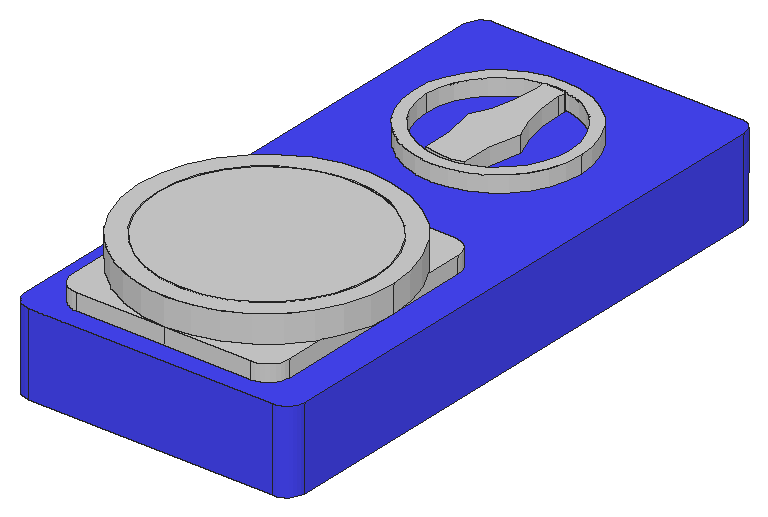
Revit family "Building-IEC309Connections-GEWISS-67IB-INTERLOCKED-SOCKET-OUTLETS_IP67_WITHOUT_BOTTOM_FUS", category Apparecchi elettrici, host Superficie, Revit 2019
Family settings
  Host = Superficie
  Mantenere orientamento annotazione = Sì
  Quota connettore circolare = Usa diametro
  Tipo di parte = Normale
  Taglio con vuoti quando caricato = Sì
  Condiviso = Sì
  Punto di calcolo locali = Sì
Parameters (values of type "GW66358N - 32A 3P+E 380V V.INT.SOCK.O.N.B.3H CBF")
  presa = rosso
  giallo = 0 mm
  dist_piano [instance] = 26 mm
  Working temperature = "-25 ÷ +40 °C"
  With back-mounting box = "No"
  Weight (kg) = "Max. 0.9 Kg"
  Weight = "Max. 0.9 Kg"
  Vista_2d_pianta [instance] = yes
  Version file RFA = "21.4"
  URL = "https://www.gewiss.com/ww/en"
  Typology = "Vertical"
  Type of fuse = "Ø 10.3x38 mm"
  Thermo-pressure with ball = "125 °C"
  Technical sheet = "https://www.gewiss.com/ww/en/search?q=GW66358N"
  Struttura = Grigio RAL - 7035
  Simbolo presa = PRESAINDSTAGNA : 3P
  Simbolo [instance] = yes
  Simb_circuito [instance] = not(Simbolo)  # no
  Shock resistance = "IK08"
  SEO = "Socket outlet"
  Reference h = "3"
  Realized by GEWISS S.p.A. = ""
  Rated voltage: = "380 - 440 V"
  Rated voltage = "380 - 440 V"
  Rated short-circuit current (Icc) = "10KA"
  Rated insulation voltage (Ui) = "500V"
  Rated impulse withstand voltage = "4KV"
  Rated frequency (Hz) = "50/60 Hz"
  Rated current (In) = "32"
  Rated current (A) = "32"
  Protection = "Fuse-holder base (CBF)"
  Default Elevation = 1219.2 mm
  Produttore = "GEWISS S.p.A."
  Operating temperature: = "-25 +40 °C"
  Number of poles = "3P+E"
  No. of poles = "3P+E"
  Modello = "GW66358N"
  Immagine tipo = G.jpg
  IP degree = "IP67"
  IDT = "5410a18b-86cc-47a6-890a-93cf755ebe5d"
  IDF = "7497af57-3216-4345-8823-f8ebadf7cf6f"
  IB socket outlet rated current (In) = "28A"
  Glow wire test: = "850 °C"
  Glow Wire Test = "850 °C"
  Fuse breacking capacity = "> 50 kA"
  Frequency = "50/60 Hz"
  Electrocod = "2222"
  EAN code = "8011564742123"
  Distanza x [instance] = 0 mm
  Distanza orizzontale simbolo [instance] = 100 mm
  Distanza effettiva x [instance] = 1500 mm - Distanza x  # 1500 mm
  Descrizione = "32A 3P+E 380V V.INT.SOCK.O.N.B.3H CBF"
  Corpo presa = GEWISS -BLU
  Cornice simbolo [instance] = yes
  Colour: = "Red"
  Colour = "Red"
  Catalogue Range = "67 IB"
  Catalogue = "BUILDING"
  COBie.Tagnumber = ""
  COBie.CreatedOn = ""
  COBie.CreatebBy = ""
  COBie.ComponentRegisterItemID = ""
  COBie.Component.TagNumber = ""
  COBie.Component.Space = ""
  COBie.Component.SerialNumber = ""
  COBie.Component.InstallationDate = ""
  COBie.Component.Description = ""
  COBie.Component.BarCode = ""
Types (23, lengths in mm): name | Weight (kg) | Weight | Technical sheet | Reference h | Rated voltage: | Rated voltage | Rated current (In) | Rated current (A) | Number of poles | No. of poles | Modello | IDT | IB socket outlet rated current (In) | EAN code | Descrizione | Colour: | Colour
  GW66323N - 16A 2P+E 110V V.INT.SOCK.O.N.B.4H CBF | "Max. 0.8 Kg" | "Max. 0.8 Kg" | "https://www.gewiss.com/ww/en/search?q=GW66323N" | "4" | "100 - 130 V" | "100 - 130 V" | "16" | "16" | "2P+E" | "2P+E" | "GW66323N" | "30d79ac4-2994-493b-83da-67eb334196f1" | "16A" | "8011564741782" | "16A 2P+E 110V V.INT.SOCK.O.N.B.4H CBF" | "Yellow" | "Yellow"
  GW66324N - 16A 3P+E 110V V.INT.SOCK.O.N.B.4H CBF | "Max. 0.8 Kg" | "Max. 0.8 Kg" | "https://www.gewiss.com/ww/en/search?q=GW66324N" | "4" | "100 - 130 V" | "100 - 130 V" | "16" | "16" | "3P+E" | "3P+E" | "GW66324N" | "b737096d-32e9-4a17-9973-32a7bd1a8f18" | "16A" | "8011564741799" | "16A 3P+E 110V V.INT.SOCK.O.N.B.4H CBF" | "Yellow" | "Yellow"
  GW66325N - 16A 3P+N+E 110V V.INT.SOCK.O.N.B.4H CBF | "Max. 0.8 Kg" | "Max. 0.8 Kg" | "https://www.gewiss.com/ww/en/search?q=GW66325N" | "4" | "100 - 130 V" | "100 - 130 V" | "16" | "16" | "3P+N+E" | "3P+N+E" | "GW66325N" | "ca68a293-44aa-448d-9bb8-29f03c2f1c91" | "16A" | "8011564741805" | "16A 3P+N+E 110V V.INT.SOCK.O.N.B.4H CBF" | "Yellow" | "Yellow"
  GW66326N - 16A 2P+E 230V V.INT.SOCK.O.N.B.6H CBF | "Max. 0.8 Kg" | "Max. 0.8 Kg" | "https://www.gewiss.com/ww/en/search?q=GW66326N" | "6" | "200 - 250 V" | "200 - 250 V" | "16" | "16" | "2P+E" | "2P+E" | "GW66326N" | "a9e3162c-ff96-41f4-8e77-217883e49a5c" | "16A" | "8011564741812" | "16A 2P+E 230V V.INT.SOCK.O.N.B.6H CBF" | "Blue" | "Blue"
  GW66327N - 16A 3P+E 230V V.INT.SOCK.O.N.B.9H CBF | "Max. 0.8 Kg" | "Max. 0.8 Kg" | "https://www.gewiss.com/ww/en/search?q=GW66327N" | "9" | "200 - 250 V" | "200 - 250 V" | "16" | "16" | "3P+E" | "3P+E" | "GW66327N" | "734b57f8-2e70-4931-9afb-c6d39a5ca6d6" | "16A" | "8011564741829" | "16A 3P+E 230V V.INT.SOCK.O.N.B.9H CBF" | "Blue" | "Blue"
  GW66328N - 16A 3P+N+E 230V V.INT.SOCK.O.N.B.9H CBF | "Max. 0.8 Kg" | "Max. 0.8 Kg" | "https://www.gewiss.com/ww/en/search?q=GW66328N" | "9" | "200 - 250 V" | "200 - 250 V" | "16" | "16" | "3P+N+E" | "3P+N+E" | "GW66328N" | "8afb5152-b66f-44ac-86e9-8db1e74fc8e2" | "16A" | "8011564741836" | "16A 3P+N+E 230V V.INT.SOCK.O.N.B.9H CBF" | "Blue" | "Blue"
  GW66329N - 16A 2P+E 400V V.INT.SOCK.O.N.B.6H CBF | "Max. 0.8 Kg" | "Max. 0.8 Kg" | "https://www.gewiss.com/ww/en/search?q=GW66329N" | "9" | "380 - 415 V" | "380 - 415 V" | "16" | "16" | "2P+E" | "2P+E" | "GW66329N" | "756aa11f-ab36-4bf8-8036-62e657426888" | "16A" | "8011564741843" | "16A 2P+E 400V V.INT.SOCK.O.N.B.6H CBF" | "Red" | "Red"
  GW66330N - 16A 3P+E 400V V.INT.SOCK.O.N.B.9H CBF | "Max. 0.8 Kg" | "Max. 0.8 Kg" | "https://www.gewiss.com/ww/en/search?q=GW66330N" | "6" | "380 - 415 V" | "380 - 415 V" | "16" | "16" | "3P+E" | "3P+E" | "GW66330N" | "ca4c6d7c-ddbe-4232-8889-7f60049de3d5" | "16A" | "8011564741850" | "16A 3P+E 400V V.INT.SOCK.O.N.B.9H CBF" | "Red" | "Red"
  GW66331N - 16A 3P+N+E 400V V.INT.SOCK.O.N.B.9H CBF | "Max. 0.8 Kg" | "Max. 0.8 Kg" | "https://www.gewiss.com/ww/en/search?q=GW66331N" | "6" | "380 - 415 V" | "380 - 415 V" | "16" | "16" | "3P+N+E" | "3P+N+E" | "GW66331N" | "793e5e18-9df8-4895-a852-130dd075e20b" | "16A" | "8011564741867" | "16A 3P+N+E 400V V.INT.SOCK.O.N.B.9H CBF" | "Red" | "Red"
  GW66332N - 16A 3P+E 500V V.INT.SOCK.O.N.B.7H CBF | "Max. 0.8 Kg" | "Max. 0.8 Kg" | "https://www.gewiss.com/ww/en/search?q=GW66332N" | "7" | "480 - 500 V" | "480 - 500 V" | "16" | "16" | "3P+E" | "3P+E" | "GW66332N" | "d3b9197d-b131-4277-8429-b99123ced490" | "16A" | "8011564741874" | "16A 3P+E 500V V.INT.SOCK.O.N.B.7H CBF" | "Black" | "Black"
  GW66333N - 16A 3P+N+E 500V V.INT.SOCK.O.N.B.7H CBF | "Max. 0.8 Kg" | "Max. 0.8 Kg" | "https://www.gewiss.com/ww/en/search?q=GW66333N" | "7" | "480 - 500 V" | "480 - 500 V" | "16" | "16" | "3P+N+E" | "3P+N+E" | "GW66333N" | "bb4a6e47-3ced-40f1-b64d-7c0dce3364c1" | "16A" | "8011564741881" | "16A 3P+N+E 500V V.INT.SOCK.O.N.B.7H CBF" | "Black" | "Black"
  GW66334N - 32A 2P+E 110V V.INT.SOCK.O.N.B.4H CBF | "Max. 0.9 Kg" | "Max. 0.9 Kg" | "https://www.gewiss.com/ww/en/search?q=GW66334N" | "4" | "100 - 130 V" | "100 - 130 V" | "32" | "32" | "2P+E" | "2P+E" | "GW66334N" | "499bc88b-1250-4a71-8332-df835cabb904" | "32A" | "8011564741898" | "32A 2P+E 110V V.INT.SOCK.O.N.B.4H CBF" | "Yellow" | "Yellow"
  GW66335N - 32A 3P+E 110V V.INT.SOCK.O.N.B.4H CBF | "Max. 0.9 Kg" | "Max. 0.9 Kg" | "https://www.gewiss.com/ww/en/search?q=GW66335N" | "4" | "100 - 130 V" | "100 - 130 V" | "32" | "32" | "3P+E" | "3P+E" | "GW66335N" | "1cae1fb9-0543-4e5f-9bb7-775a21e7c699" | "28A" | "8011564741904" | "32A 3P+E 110V V.INT.SOCK.O.N.B.4H CBF" | "Yellow" | "Yellow"
  GW66336N - 32A 3P+N+E 110V V.INT.SOCK.O.N.B.4H CBF | "Max. 0.9 Kg" | "Max. 0.9 Kg" | "https://www.gewiss.com/ww/en/search?q=GW66336N" | "4" | "100 - 130 V" | "100 - 130 V" | "32" | "32" | "3P+N+E" | "3P+N+E" | "GW66336N" | "76f06d90-6a41-4650-b399-a6a17717fe08" | "28A" | "8011564741911" | "32A 3P+N+E 110V V.INT.SOCK.O.N.B.4H CBF" | "Yellow" | "Yellow"
  GW66337N - 32A 2P+E 230V V.INT.SOCK.O.N.B.6H CBF | "Max. 0.9 Kg" | "Max. 0.9 Kg" | "https://www.gewiss.com/ww/en/search?q=GW66337N" | "6" | "200 - 250 V" | "200 - 250 V" | "32" | "32" | "2P+E" | "2P+E" | "GW66337N" | "79f38b2c-9f13-432d-b464-524a90e4354e" | "32A" | "8011564741928" | "32A 2P+E 230V V.INT.SOCK.O.N.B.6H CBF" | "Blue" | "Blue"
  GW66338N - 32A 3P+E 230V V.INT.SOCK.O.N.B.9H CBF | "Max. 0.9 Kg" | "Max. 0.9 Kg" | "https://www.gewiss.com/ww/en/search?q=GW66338N" | "9" | "200 - 250 V" | "200 - 250 V" | "32" | "32" | "3P+E" | "3P+E" | "GW66338N" | "cc608149-310b-4ef9-b7fd-869bf80bbc6d" | "28A" | "8011564741935" | "32A 3P+E 230V V.INT.SOCK.O.N.B.9H CBF" | "Blue" | "Blue"
  GW66339N - 32A 3P+N+E 230V V.INT.SOCK.O.N.B.9H CBF | "Max. 0.9 Kg" | "Max. 0.9 Kg" | "https://www.gewiss.com/ww/en/search?q=GW66339N" | "9" | "200 - 250 V" | "200 - 250 V" | "32" | "32" | "3P+N+E" | "3P+N+E" | "GW66339N" | "c92023a9-5fbb-4c9d-b7d9-802bad0c0cca" | "28A" | "8011564741942" | "32A 3P+N+E 230V V.INT.SOCK.O.N.B.9H CBF" | "Blue" | "Blue"
  GW66340N - 32A 2P+E 400V V.INT.SOCK.O.N.B.6H CBF | "Max. 0.9 Kg" | "Max. 0.9 Kg" | "https://www.gewiss.com/ww/en/search?q=GW66340N" | "9" | "380 - 415 V" | "380 - 415 V" | "32" | "32" | "2P+E" | "2P+E" | "GW66340N" | "d3a9ba0b-089f-41f2-b9d4-61f0f3ffd9d0" | "32A" | "8011564741959" | "32A 2P+E 400V V.INT.SOCK.O.N.B.6H CBF" | "Red" | "Red"
  GW66341N - 32A 3P+E 400V V.INT.SOCK.O.N.B.9H CBF | "Max. 0.9 Kg" | "Max. 0.9 Kg" | "https://www.gewiss.com/ww/en/search?q=GW66341N" | "6" | "380 - 415 V" | "380 - 415 V" | "32" | "32" | "3P+E" | "3P+E" | "GW66341N" | "f40628d5-8155-4c22-97bc-23d10137e6f1" | "28A" | "8011564741966" | "32A 3P+E 400V V.INT.SOCK.O.N.B.9H CBF" | "Red" | "Red"
  GW66342N - 32A 3P+N+E 400V V.INT.SOCK.O.N.B.9H CBF | "Max. 0.9 Kg" | "Max. 0.9 Kg" | "https://www.gewiss.com/ww/en/search?q=GW66342N" | "6" | "380 - 415 V" | "380 - 415 V" | "32" | "32" | "3P+N+E" | "3P+N+E" | "GW66342N" | "acfff40d-79cc-4c4e-9dad-2aedba291622" | "28A" | "8011564741973" | "32A 3P+N+E 400V V.INT.SOCK.O.N.B.9H CBF" | "Red" | "Red"
  GW66343N - 32A 3P+E 500V V.INT.SOCK.O.N.B.7H CBF | "Max. 0.9 Kg" | "Max. 0.9 Kg" | "https://www.gewiss.com/ww/en/search?q=GW66343N" | "7" | "480 - 500 V" | "480 - 500 V" | "32" | "32" | "3P+E" | "3P+E" | "GW66343N" | "a0be41ed-42ca-45ef-904f-961e9b688339" | "28A" | "8011564741980" | "32A 3P+E 500V V.INT.SOCK.O.N.B.7H CBF" | "Black" | "Black"
  GW66344N - 32A 3P+N+E 500V V.INT.SOCK.O.N.B.7H CBF | "Max. 0.9 Kg" | "Max. 0.9 Kg" | "https://www.gewiss.com/ww/en/search?q=GW66344N" | "7" | "480 - 500 V" | "480 - 500 V" | "32" | "32" | "3P+N+E" | "3P+N+E" | "GW66344N" | "b744add1-c7d1-473a-b170-85a739cce033" | "28A" | "8011564741997" | "32A 3P+N+E 500V V.INT.SOCK.O.N.B.7H CBF" | "Black" | "Black"
  GW66358N - 32A 3P+E 380V V.INT.SOCK.O.N.B.3H CBF | "Max. 0.9 Kg" | "Max. 0.9 Kg" | "https://www.gewiss.com/ww/en/search?q=GW66358N" | "3" | "380 - 440 V" | "380 - 440 V" | "32" | "32" | "3P+E" | "3P+E" | "GW66358N" | "5410a18b-86cc-47a6-890a-93cf755ebe5d" | "28A" | "8011564742123" | "32A 3P+E 380V V.INT.SOCK.O.N.B.3H CBF" | "Red" | "Red"
Reference planes
  plane 1 "Centro (Fronte/Retro)": y = 0
  plane 2: z = 0
  plane 3 "Centro (Sinistra/Destra)": x = 0
  plane 4: z = -2
  plane 5: x = 0
  plane 6: x = -1500
  plane 7: x = 0
  plane 8: through (-170.762, -4572, -38.353) normal (-0.6157, 0, 0.788)
  plane 9: x = -51.152
  plane 10: x = 53.222
  plane 11: z = 24
  plane 12: y = -110
  plane 13: y = 110
  plane 14: z = 24
  plane 15: z = 71
Forms (mm)
  Extrusion 1, solid, detail levels coarse
    sketch origin (0, 0, 0) x (1, 0, 0) y (0, 0, 1)
      loop
        line (-51.152, 71) -> (-51.152, 24) -> (53.222, 24) -> (53.222, 71) -> (-51.152, 71)
    from -108.895 to 109.105
Lines and regions (mm)
  Masking region 1, visible <- "Vista_2d_pianta"
    outline origin (0, 0, 0) x (1, 0, 0) y (0, 0, 1)
      loop
        line (-50.384, 54) -> (-50.384, 24) -> (52.616, 24) -> (52.616, 54) -> (-50.384, 54)
  Masking region 2, visible <- "Vista_2d_pianta"
    outline origin (0, 0, 0) x (1, 0, 0) y (0, 0, 1)
      loop
        line (-40, 60) -> (-40, 54) -> (40, 54) -> (40, 60) -> (-40, 60)
  Masking region 3, visible <- "Vista_2d_pianta"
    outline origin (0, 0, 0) x (1, 0, 0) y (0, 0, 1)
      loop
        line (-46.899, 60) -> (46.899, 60) -> (46.899, 70) -> (-46.899, 70) -> (-46.899, 60)
Dimensions and locks
  locked: plane 2 to plane 4 at 2
  "Distanza effettiva x": plane 5 to plane 6
  plane 3 "Centro (Sinistra/Destra)" to plane 6 = 1500 mm
  plane 6 to plane 5 = 1500 mm
  "Distanza effettiva x": plane 6 to plane 7
  locked: plane 9 to Masking region 1 at 0.768
  locked: Masking region 1 to plane 10 at 0.606
  "dist_piano": plane 14 to plane 4
  equal spacing: plane 12, plane 1 "Centro (Fronte/Retro)", plane 13
  locked: plane 12 to plane 13 at 220
  locked: plane 11 to plane 14 at 0
  locked: plane 15 to plane 11 at 47
  angle plane 8 to plane 4 = 142.00°
  angle plane 7 to plane 8 = 128.00°
  aligned and locked: plane 2 to host face
  aligned and locked: level to host face
  aligned and locked: plane 3 "Centro (Sinistra/Destra)" to nested 1
  aligned and locked: Masking region 1 sketch curve to nested 1  (x4)
  aligned and locked: Masking region 2 sketch curve to nested 1  (x4)
  aligned and locked: Extrusion 1 sketch curve to plane 9
  aligned and locked: Extrusion 1 sketch curve to plane 10
  aligned and locked: nested 1 to plane 11
  aligned and locked: Masking region 3 sketch curve to nested 1  (x4)
  aligned and locked: Extrusion 1 to plane 14
  aligned and locked: plane 15 to Extrusion 1
  aligned and locked: plane 7 to nested 2
  aligned and locked: plane 7 to nested 3
Automatic sketch dimensions
  host sketch curve to host sketch curve = 2438.4 mm  (x2)
  Extrusion 1 sketch curve to plane 11 = 0 mm
  plane 11 to Extrusion 1 sketch curve = 47 mm
Nested families
  nested 1: "IB PRESE INTERBLOC VERT_NO FONDO" at (0, 0, 24), type "IB PRESE INTERBLOC VERT_NO FONDO", detail levels medium+fine
  nested 2: "simbolo_circuitoGW66324N" at (0, 30.442, 0), Distanza dal muro <- "Distanza orizzontale simbolo", SIMBOLO ACCESO <- "Simb_circuito", type "3P"
    with SIMBOLO ACCESO no, Distanza dal muro 100 mm, BORDO ACCESO yes
  nested 3: "PRESAINDSTAGNA" at (0, 23.722, 0), Distanza dal muro <- "Distanza orizzontale simbolo", SIMBOLO ACCESO <- "Simbolo", type "3P"
    with SIMBOLO ACCESO yes, Distanza dal muro 100 mm, BORDO ACCESO yes
Definition of nested family "IB PRESE INTERBLOC VERT_NO FONDO"
  Parameters (values of type "IB PRESE INTERBLOC VERT_NO FONDO")
    corpo presa = none
    Struttura = none
    Spessore = 30 mm
    Raggio = 40 mm
    Default Elevation = 14 mm
    Presa = none
    Lunghezza = 103 mm
    IFC.TypeObject = ""
    IFC.ExportType = ""
    IFC.ExportAs = ""
    H_da terra = 586.883 mm
    COBie.CreatedOn = ""
    COBie.CreatebBy = ""
    COBie.ComponentRegisterItemID = ""
    COBie.Component.TagNumber = ""
    COBie.Component.Space = ""
    COBie.Component.SerialNumber = ""
    COBie.Component.InstallationDate = ""
    COBie.Component.Description = ""
    COBie.Component.BarCode = ""
    Altezza = 220 mm
  Reference planes
    plane 1 "Centro (Fronte/Retro)": y = 0
    plane 2: z = 0
    plane 3 "Centro (Sinistra/Destra)": x = 0
    plane 4: z = 6.883
    plane 5: z = 10.499
    plane 6 "presa": z = 46
    plane 7: z = 36
    plane 8: z = 30
    plane 9: x = -40
    plane 10: x = 40
    plane 11: y = -5.355
    plane 12: y = -98.612
    plane 13: y = -51.359
  Forms (mm)
    Extrusion 1, solid, material <- "Struttura"
      sketch origin (0, -697.104, -30) x (1, 0, 0) y (0, 1, 0)
        loop
          line (-0.408, 691.748) -> (-32.003, 691.748)
          spline (-32.003, 691.748) -> (-33.047, 691.681) -> (-34.073, 691.48) -> (-35.063, 691.148) -> (-36.002, 690.693) -> (-36.871, 690.12) -> (-37.658, 689.441) -> (-38.347, 688.666) -> (-38.929, 687.809) -> (-39.391, 686.885) -> (-39.728, 685.909) -> (-39.932, 684.898) -> (-40, 683.87)
          line (-40, 683.87) -> (-40, 606.37)
          spline (-40, 606.37) -> (-39.932, 605.341) -> (-39.728, 604.331) -> (-39.391, 603.355) -> (-38.929, 602.43) -> (-38.347, 601.574) -> (-37.658, 600.799) -> (-36.871, 600.119) -> (-36.002, 599.547) -> (-35.063, 599.091) -> (-34.073, 598.76) -> (-33.047, 598.559) -> (-32.003, 598.491)
          line (-32.003, 598.491) -> (0, 598.491) -> (32.003, 598.491)
          spline (32.003, 598.491) -> (33.047, 598.559) -> (34.073, 598.76) -> (35.063, 599.091) -> (36.002, 599.547) -> (36.871, 600.119) -> (37.658, 600.799) -> (38.347, 601.574) -> (38.929, 602.43) -> (39.391, 603.355) -> (39.728, 604.331) -> (39.932, 605.341) -> (40, 606.37)
          line (40, 606.37) -> (40, 683.87)
          spline (40, 683.87) -> (39.932, 684.898) -> (39.728, 685.909) -> (39.391, 686.885) -> (38.929, 687.809) -> (38.347, 688.666) -> (37.658, 689.441) -> (36.871, 690.12) -> (36.002, 690.693) -> (35.063, 691.148) -> (34.073, 691.48) -> (33.047, 691.681) -> (32.003, 691.748)
          line (32.003, 691.748) -> (-0.408, 691.748)
      from 60 to 66
    Extrusion 2, solid, material <- "Presa"
      sketch origin (0, -700.854, -30) x (1, 0, 0) y (0, 1, 0)
        loop
          circle (0, 649.495) r 46.899
        loop
          circle (0, 649.495) r 40
      from 66 to 76
    Extrusion 3, solid, material <- "Struttura"
      sketch origin (0, -697.104, -30) x (1, 0, 0) y (0, 1, 0)
        loop
          circle (0, 752.384) r 30.831
        loop
          circle (0, 752.384) r 26.483
      from 60 to 66
    Extrusion 4, solid, material <- "Struttura"
      sketch origin (0, -697.104, -30) x (1, 0, 0) y (0, 1, 0)
        loop
          arc (-9.552, 750.899) -> (-7.429, 739.645) -> (-7.314, 728.193) r 64.983
          arc (-7.314, 728.193) -> (-0.131, 727.067) -> (7.064, 728.115) r 24.316
          arc (7.064, 728.115) -> (7.302, 739.566) -> (9.547, 750.796) r 64.983
          arc (9.547, 750.796) -> (5.519, 762.425) -> (4.215, 774.661) r 54.251
          line (4.215, 774.661) -> (4.25, 777.658)
          arc (4.25, 777.658) -> (3.985, 778.329) -> (3.336, 778.647) r 1
          arc (3.336, 778.647) -> (0.147, 778.794) -> (-3.043, 778.682) r 39.364
          arc (-3.043, 778.682) -> (-3.695, 778.371) -> (-3.967, 777.702) r 1
          line (-3.967, 777.702) -> (-3.964, 774.706)
          arc (-3.964, 774.706) -> (-5.4, 762.483) -> (-9.552, 750.899) r 54.251
      from 60 to 66
    Extrusion 5, solid, material <- "corpo presa"
      sketch origin (-2.5, -699.604, -30) x (1, 0, 0) y (0, 1, 0)
        loop
          arc (55.116, 802.193) -> (53.269, 806.652) -> (48.81, 808.499) r 6.306
          line (48.81, 808.499) -> (-41.578, 808.499)
          arc (-41.578, 808.499) -> (-46.037, 806.652) -> (-47.884, 802.193) r 6.306
          line (-47.884, 802.193) -> (-47.884, 600.052)
          arc (-47.884, 600.052) -> (-45.976, 595.446) -> (-41.369, 593.537) r 6.515
          line (-41.369, 593.537) -> (48.601, 593.537)
          arc (48.601, 593.537) -> (53.208, 595.446) -> (55.116, 600.052) r 6.515
          line (55.116, 600.052) -> (55.116, 802.193)
      from 30 to 60
    Extrusion 6, solid, material <- "Struttura", not visible
      sketch origin (0, 47.014, -580) x (1, 0, 0) y (0, 0, 1)
        loop
          line (-0.408, 691.748) -> (-29.506, 691.748)
          spline (-29.506, 691.748) -> (-30.55, 691.681) -> (-31.576, 691.48) -> (-32.567, 691.148) -> (-33.505, 690.693) -> (-34.375, 690.12) -> (-35.161, 689.441) -> (-35.851, 688.666) -> (-36.432, 687.809) -> (-36.895, 686.885) -> (-37.231, 685.909) -> (-37.435, 684.898) -> (-37.503, 683.87)
          line (-37.503, 683.87) -> (-37.503, 615.12)
          spline (-37.503, 615.12) -> (-37.435, 614.091) -> (-37.231, 613.081) -> (-36.895, 612.105) -> (-36.432, 611.18) -> (-35.851, 610.324) -> (-35.161, 609.549) -> (-34.375, 608.869) -> (-33.505, 608.297) -> (-32.567, 607.841) -> (-31.576, 607.51) -> (-30.55, 607.309) -> (-29.506, 607.241)
          line (-29.506, 607.241) -> (0, 607.241) -> (29.506, 607.241)
          spline (29.506, 607.241) -> (30.55, 607.309) -> (31.576, 607.51) -> (32.567, 607.841) -> (33.505, 608.297) -> (34.375, 608.869) -> (35.161, 609.549) -> (35.851, 610.324) -> (36.432, 611.18) -> (36.895, 612.105) -> (37.231, 613.081) -> (37.435, 614.091) -> (37.503, 615.12)
          line (37.503, 615.12) -> (37.503, 683.87)
          spline (37.503, 683.87) -> (37.435, 684.898) -> (37.231, 685.909) -> (36.895, 686.885) -> (36.432, 687.809) -> (35.851, 688.666) -> (35.161, 689.441) -> (34.375, 690.12) -> (33.505, 690.693) -> (32.567, 691.148) -> (31.576, 691.48) -> (30.55, 691.681) -> (29.506, 691.748)
          line (29.506, 691.748) -> (-0.408, 691.748)
      from 51.991 to 55.821
    Extrusion 7, solid, material <- "Presa", not visible
      sketch origin (0, 47.014, -580) x (1, 0, 0) y (0, 0, 1)
        loop
          circle (0, 646.456) r 46.899
      from 55.821 to 62.709
    Extrusion 8, solid, material <- "Struttura", not visible
      sketch origin (0, 47.014, -580) x (1, 0, 0) y (0, 0, 1)
        loop
          circle (0, 752.384) r 30.831
        loop
          circle (0, 752.384) r 26.483
      from 51.991 to 62.709
    Extrusion 9, solid, material <- "Struttura", not visible
      sketch origin (0, 47.014, -580) x (1, 0, 0) y (0, 0, 1)
        loop
          arc (-9.552, 750.899) -> (-7.429, 739.645) -> (-7.314, 728.193) r 64.983
          arc (-7.314, 728.193) -> (-0.131, 727.067) -> (7.064, 728.115) r 24.316
          arc (7.064, 728.115) -> (7.302, 739.566) -> (9.547, 750.796) r 64.983
          arc (9.547, 750.796) -> (5.519, 762.425) -> (4.215, 774.661) r 54.251
          line (4.215, 774.661) -> (4.25, 777.658)
          arc (4.25, 777.658) -> (3.985, 778.329) -> (3.336, 778.647) r 1
          arc (3.336, 778.647) -> (0.147, 778.794) -> (-3.043, 778.682) r 39.364
          arc (-3.043, 778.682) -> (-3.695, 778.371) -> (-3.967, 777.702) r 1
          line (-3.967, 777.702) -> (-3.964, 774.706)
          arc (-3.964, 774.706) -> (-5.4, 762.483) -> (-9.552, 750.899) r 54.251
      from 51.991 to 62.709
    Extrusion 10, solid, material <- "corpo presa", not visible
      sketch origin (0, 47.014, -580) x (1, 0, 0) y (0, 0, 1)
        loop
          arc (47.884, 796.962) -> (46.037, 801.42) -> (41.578, 803.267) r 6.306
          line (41.578, 803.267) -> (-41.578, 803.267)
          arc (-41.578, 803.267) -> (-46.037, 801.42) -> (-47.884, 796.962) r 6.306
          line (-47.884, 796.962) -> (-47.884, 597.014)
          arc (-47.884, 597.014) -> (-45.976, 592.407) -> (-41.369, 590.499) r 6.515
          line (-41.369, 590.499) -> (41.369, 590.499)
          arc (41.369, 590.499) -> (45.976, 592.407) -> (47.884, 597.014) r 6.515
          line (47.884, 597.014) -> (47.884, 796.962)
      from 30 to 51.991
    Extrusion 11, solid, material <- "Struttura"
      sketch origin (1.116, -3.75, 0) x (1, 0, 0) y (0, 1, 0)
        loop
          circle (-1.116, -47.609) r 40
      from 36 to 46
  Lines and regions (mm)
    symbolic lines
      curve 1: line (0, 0, 46) -> (0, -106.066, 46)
      curve 2: line (-40, -51.359, 46) -> (40, -51.359, 46)
  Dimensions and locks
    locked: plane 5 to plane 4 at 3.616
    Extrusion 5 sketch curve to Extrusion 5 sketch curve = 103 mm
    plane 6 "presa" to plane 2 = 46 mm
    locked: plane 7 to plane 6 "presa" at 10
    plane 8 to plane 2 = 30 mm
    locked: plane 8 to plane 7 at 6
    equal spacing: plane 9, plane 3 "Centro (Sinistra/Destra)", plane 10
    locked: plane 9 to plane 10 at 80
    Extrusion 1 to Extrusion 1 = 93.257 mm
    "Raggio": radius of Extrusion 11 sketch curve
    "Raggio": radius of Extrusion 2 sketch curve
    aligned and locked: level to plane 2
    aligned and locked: Extrusion 3 to Extrusion 5
    aligned and locked: Extrusion 4 to Extrusion 3
    aligned and locked: Extrusion 3 to Extrusion 4
    aligned and locked: Extrusion 2 to Extrusion 1
    aligned and locked: Extrusion 5 to level
    aligned and locked: plane 6 "presa" to Extrusion 2
    aligned and locked: Extrusion 11 to Extrusion 1
    aligned and locked: plane 6 "presa" to Extrusion 11
    aligned and locked: Extrusion 1 to plane 7
    aligned and locked: Extrusion 5 to plane 8
    aligned and locked: plane 8 to Extrusion 1
    aligned and locked: Extrusion 3 to plane 7
    aligned and locked: curve 1 to plane 3 "Centro (Sinistra/Destra)"
    aligned and locked: Extrusion 1 sketch curve to plane 9
    aligned and locked: Extrusion 1 sketch curve to plane 10
    aligned and locked: plane 12 to Extrusion 1 sketch curve
    aligned and locked: curve 2 to plane 13
    aligned and locked: plane 3 "Centro (Sinistra/Destra)" to Extrusion 11 sketch curve
    aligned and locked: plane 13 to Extrusion 11 sketch curve
  Automatic sketch dimensions
    Extrusion 1 sketch curve to plane 3 "Centro (Sinistra/Destra)" = 0 mm
    Extrusion 1 sketch curve to plane 3 "Centro (Sinistra/Destra)" = 0.408 mm
    Extrusion 1 sketch curve to Extrusion 1 sketch curve = 32.003 mm
    plane 1 "Centro (Fronte/Retro)" to Extrusion 1 sketch curve = 5.355 mm
    Extrusion 1 sketch curve to Extrusion 1 sketch curve = 7.997 mm  (x2)
    plane 3 "Centro (Sinistra/Destra)" to Extrusion 1 sketch curve = 32.003 mm
    Extrusion 1 sketch curve to Extrusion 1 sketch curve = 7.878 mm  (x3)
    Extrusion 3 sketch curve to Extrusion 3 sketch curve = 0 mm  (x2)
    Extrusion 3 sketch curve to plane 3 "Centro (Sinistra/Destra)" = 0 mm
    Extrusion 3 sketch curve to plane 1 "Centro (Fronte/Retro)" = 55.28 mm
    Extrusion 4 sketch curve to plane 3 "Centro (Sinistra/Destra)" = 0 mm
    Extrusion 4 sketch curve to plane 3 "Centro (Sinistra/Destra)" = 0.064 mm
    Extrusion 4 sketch curve to plane 3 "Centro (Sinistra/Destra)" = 2.967 mm
    Extrusion 4 sketch curve to Extrusion 4 sketch curve = 0.997 mm
    Extrusion 4 sketch curve to Extrusion 4 sketch curve = 1 mm  (x2)
    Extrusion 4 sketch curve to Extrusion 4 sketch curve = 54.251 mm
    Extrusion 4 sketch curve to Extrusion 4 sketch curve = 13.883 mm
    plane 3 "Centro (Sinistra/Destra)" to Extrusion 4 sketch curve = 3.25 mm
    Extrusion 4 sketch curve to Extrusion 4 sketch curve = 0.965 mm
    Extrusion 4 sketch curve to Extrusion 4 sketch curve = 54.25 mm
    Extrusion 4 sketch curve to Extrusion 4 sketch curve = 13.435 mm
    Extrusion 4 sketch curve to plane 1 "Centro (Fronte/Retro)" = 35.393 mm
    Extrusion 4 sketch curve to plane 1 "Centro (Fronte/Retro)" = 36.167 mm
    Extrusion 4 sketch curve to plane 1 "Centro (Fronte/Retro)" = 42.327 mm
    Extrusion 4 sketch curve to Extrusion 4 sketch curve = 11.953 mm
    Extrusion 4 sketch curve to Extrusion 4 sketch curve = 41.757 mm
    Extrusion 4 sketch curve to Extrusion 4 sketch curve = 23.278 mm
    Extrusion 4 sketch curve to Extrusion 4 sketch curve = 0.044 mm
    Extrusion 4 sketch curve to Extrusion 4 sketch curve = 41.61 mm
    Extrusion 4 sketch curve to Extrusion 4 sketch curve = 2.99 mm
    Extrusion 4 sketch curve to Extrusion 4 sketch curve = 0.007 mm
    Extrusion 4 sketch curve to Extrusion 4 sketch curve = 2.979 mm
    Extrusion 4 sketch curve to Extrusion 4 sketch curve = 0.018 mm
    Extrusion 4 sketch curve to Extrusion 4 sketch curve = 0 mm
    Extrusion 4 sketch curve to plane 3 "Centro (Sinistra/Destra)" = 7.314 mm
    Extrusion 4 sketch curve to Extrusion 4 sketch curve = 9.552 mm
    plane 3 "Centro (Sinistra/Destra)" to Extrusion 4 sketch curve = 7.064 mm
    Extrusion 5 sketch curve to plane 3 "Centro (Sinistra/Destra)" = 50.384 mm
    Extrusion 5 sketch curve to Extrusion 5 sketch curve = 6.306 mm  (x2)
    Extrusion 5 sketch curve to Extrusion 5 sketch curve = 6.515 mm  (x2)
    Extrusion 5 sketch curve to plane 1 "Centro (Fronte/Retro)" = 102.59 mm
    Extrusion 1 sketch curve to plane 12 = 7.878 mm
    plane 12 to Extrusion 5 sketch curve = 0.939 mm
    plane 1 "Centro (Fronte/Retro)" to curve 1 = 0 mm
    curve 2 to plane 9 = 0 mm
    curve 2 to plane 10 = 0 mm
    plane 12 to curve 1 = 7.454 mm
    Extrusion 2 sketch curve to Extrusion 2 sketch curve = 0 mm  (x2)
    Extrusion 2 sketch curve to plane 3 "Centro (Sinistra/Destra)" = 0 mm
    Extrusion 2 sketch curve to plane 13 = 0 mm
    radius of Extrusion 3 sketch curve = 30.831 mm
    radius of Extrusion 3 sketch curve = 26.483 mm
    radius of Extrusion 2 sketch curve = 46.899 mm
Definition of nested family "simbolo_circuitoGW66324N"
  Parameters (values of type "3P")
    SIMBOLO ACCESO [instance] = yes
    SIMBOLO = PRESAINDSTAGNA_BASE : 3P
    Distanza dal muro [instance] = 0 mm
    BORDO ACCESO [instance] = yes
  Reference planes
    plane 1: y = 0
    plane 2: x = 0
  Dimensions and locks
    "Distanza dal muro": plane 1 to nested 1
    aligned and locked: plane 2 to nested 1
  Nested families
    nested 1: "GW66201N-simb_base_di circuito" at (0, 0, 0), visible <- "SIMBOLO ACCESO", type "3P"
      with CORNICE SIMBOLO yes
  Definition of nested family "GW66201N-simb_base_di circuito"
    Parameters (values of type "3P")
      CORNICE SIMBOLO [instance] = yes
      3P = yes
    Types (2, lengths in mm): name | 3P
      3P | yes
      2P | no
    Reference planes
      plane 1: y = 0
      plane 2: x = 0
    Lines and regions (mm)
      detail lines, not visible
        curve 1: line (-2.443, 10.208, 0) -> (2.057, 10.208, 0)
        curve 2: line (2.057, 10.208, 0) -> (2.057, 4.208, 0)
        curve 3: line (2.057, 4.208, 0) -> (-2.443, 4.208, 0)
        curve 4: line (-2.443, 4.208, 0) -> (-2.443, 10.208, 0)
        curve 5: line (-2.043, 9.808, 0) -> (1.657, 9.808, 0)
        curve 6: line (1.657, 9.808, 0) -> (1.657, 4.608, 0)
        curve 7: line (1.657, 4.608, 0) -> (-2.043, 4.608, 0)
        curve 8: line (-2.043, 4.608, 0) -> (-2.043, 9.808, 0)
    Dimensions and locks
      aligned and locked: import instance to plane 2
      aligned and locked: plane 1 to import instance
Definition of nested family "PRESAINDSTAGNA"
  Parameters (values of type "3P")
    SIMBOLO ACCESO [instance] = yes
    SIMBOLO = PRESAINDSTAGNA_BASE : 3P
    Distanza dal muro [instance] = 0 mm
    BORDO ACCESO [instance] = yes
  Types (2): name
    2P
    3P
  Reference planes
    plane 1: y = 0
    plane 2: x = 0
  Dimensions and locks
    "Distanza dal muro": plane 1 to nested 1
    aligned and locked: plane 2 to nested 1
  Nested families
    nested 1: "PRESAINDSTAGNA_BASE" at (0, 0, 0), type <- "SIMBOLO", CORNICE SIMBOLO <- "BORDO ACCESO", visible <- "SIMBOLO ACCESO", type "3P"
  Definition of nested family "PRESAINDSTAGNA_BASE"
    Parameters (values of type "3P")
      CORNICE SIMBOLO [instance] = yes
      3P = yes
    Types (2, lengths in mm): name | 3P
      3P | yes
      2P | no
    Reference planes
      plane 1: y = 0
      plane 2: x = 0
    Lines and regions (mm)
      detail lines, not visible
        curve 1: line (-2.443, 10.208, 0) -> (2.057, 10.208, 0)
        curve 2: line (2.057, 10.208, 0) -> (2.057, 4.208, 0)
        curve 3: line (2.057, 4.208, 0) -> (-2.443, 4.208, 0)
        curve 4: line (-2.443, 4.208, 0) -> (-2.443, 10.208, 0)
        curve 5: line (-2.043, 9.808, 0) -> (1.657, 9.808, 0)
        curve 6: line (1.657, 9.808, 0) -> (1.657, 4.608, 0)
        curve 7: line (1.657, 4.608, 0) -> (-2.043, 4.608, 0)
        curve 8: line (-2.043, 4.608, 0) -> (-2.043, 9.808, 0)
      detail lines
        curve 9: line (-0.333, 0.928, 0) -> (-0.05, 0.928, 0)
        curve 10: line (-0.05, 0.928, 0) -> (0.417, 1.737, 0)
        curve 11: line (0.417, 1.737, 0) -> (0.764, 1.537, 0)
        curve 12: line (-0.05, 0.928, 0) -> (-0.333, 0.437, 0)
        curve 13: line (-0.333, 0.437, 0) -> (-0.333, 2.059, 0)
        curve 14: line (0.222, 1.399, 0) -> (0.569, 1.199, 0)
        curve 15: line (-0.723, 0.437, 0) -> (0.057, 0.437, 0)
        curve 16: line (-0.333, 0.81, 0) -> (-0.216, 0.928, 0)
        curve 17: line (-0.333, 0.741, 0) -> (-0.147, 0.928, 0)
        curve 18: line (-0.333, 0.672, 0) -> (-0.078, 0.928, 0)
        curve 19: line (-0.333, 0.603, 0) -> (-0.106, 0.831, 0)
        curve 20: line (-0.333, 0.534, 0) -> (-0.2, 0.668, 0)
        curve 22: arc (-0.723, 0.047, 0) -> (-0.333, 0.437, 0) -> (0.057, 0.047, 0) r 0.39
        curve 23: line (-0.8, 2.1, 0) -> (0.8, 2.1, 0)
        curve 24: line (-0.8, 0, 0) -> (-0.8, 2.1, 0)
        curve 25: line (0.8, 0, 0) -> (-0.8, 0, 0)
        curve 26: line (0.8, 2.1, 0) -> (0.8, 0, 0)
      detail lines, visible <- "3P"
        curve 21: line (0.028, 1.061, 0) -> (0.374, 0.861, 0)
